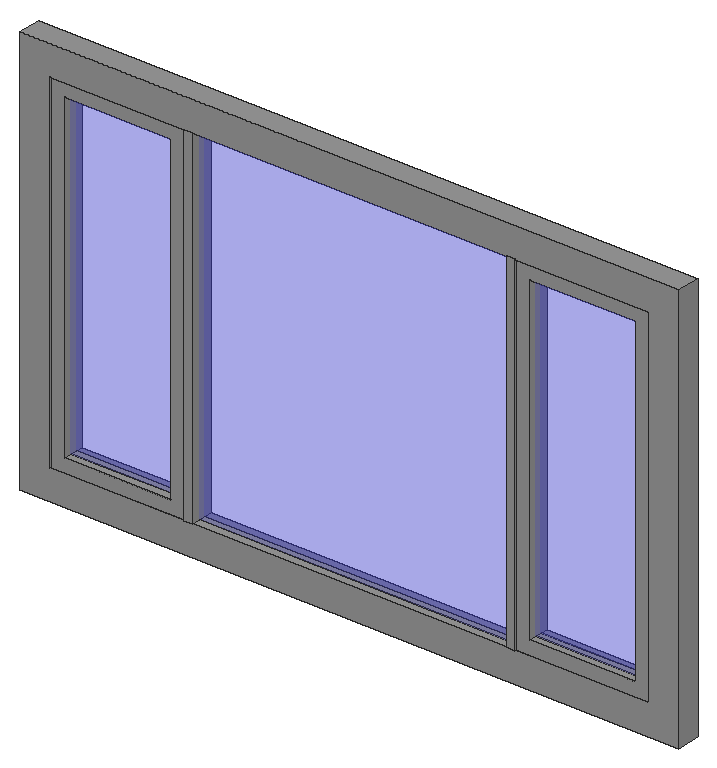
Revit family "Family57", category Windows, host Wall, Revit 2018
Family settings
  Host = Wall
  OmniClass Number = 23.30.20.00
  OmniClass Title = Windows
  Always vertical = Yes
  Cut with Voids When Loaded = No
  Shared = No
  Room Calculation Point = No
Parameters
  Window Thickness = 84 mm
  Window Frame = White
  Visual Light Transmittance = 0.81
  URL = "www.skywardwindows.co.za"
  Thermal Resistance (R) = 0.3196 (m²·K)/W
  Telephone = "021 276 1800"
  Solar Heat Gain Coefficient = 0.76
  Manufacturer = "Skyward Windows"
  Height = 1490 mm
  Heat Transfer Coefficient (U) = 3.1292 W/(m²·K)
  Glass Thickness = 4 mm
  Glass = Glass
  Email Address = "info@skywardwindows.co.za"
  Default Sill Height = 800 mm
  Wall Closure = By host
  Width = 2390 mm
  Company Address = "Charles Matthews Street Atlantis 7349"
  Analytic Construction = "Double glazing - domestic"
Reference planes
  plane 1 "Center (Front/Back)": y = 0
  plane 2 "Center (Left/Right)": x = 0
  plane 3 "Left": x = -1195
  plane 4 "Right": x = 1195
  plane 5 "Sill": z = 800
  plane 6 "Head": z = 2290
  plane 7 "Exterior": y = 100
  plane 8 "Interior": y = -100
Forms (mm)
  Extrusion 1, solid, material "White" <- "Window Frame"
    sketch origin (0, -100, 0) x (1, 0, 0) y (0, 0, 1)
      loop
        line (-1195, 2290) -> (-1195, 800) -> (1195, 800) -> (1195, 2290) -> (-1195, 2290)
      loop
        line (-1086, 909) -> (1086, 909) -> (1086, 2181) -> (-1086, 2181) -> (-1086, 909)
    from -142 to -58
  Extrusion 2, solid, material "White" <- "Window Frame"
    sketch origin (0, -100, 0) x (1, 0, 0) y (0, 0, 1)
      loop
        line (-1086, 2181) -> (-1086, 909) -> (-600, 909) -> (-600, 2181) -> (-1086, 2181)
      loop
        line (1086, 2181) -> (600, 2181) -> (600, 909) -> (1086, 909) -> (1086, 2181)
      loop
        line (-1036, 959) -> (-650, 959) -> (-650, 2131) -> (-1036, 2131) -> (-1036, 959)
      loop
        line (650, 2131) -> (650, 959) -> (1036, 959) -> (1036, 2131) -> (650, 2131)
    from -138 to -62
  Extrusion 3, solid, material "White" <- "Window Frame"
    sketch origin (0, -100, 0) x (1, 0, 0) y (0, 0, 1)
      loop
        line (-600, 2181) -> (-600, 909) -> (-570, 909) -> (-570, 2181) -> (-600, 2181)
      loop
        line (600, 2181) -> (570, 2181) -> (570, 909) -> (600, 909) -> (600, 2181)
    from -142 to -58
  Extrusion 4, solid, material "Glass" <- "Glass"
    sketch origin (0, 0, 0) x (1, 0, 0) y (0, 1, 0)
      loop
        line (-1036, 14) -> (-1036, 10) -> (-650, 10) -> (-650, 14) -> (-1036, 14)
      loop
        line (-1036, -10) -> (-1036, -14) -> (-650, -14) -> (-650, -10) -> (-1036, -10)
      loop
        line (650, 14) -> (650, 10) -> (1036, 10) -> (1036, 14) -> (650, 14)
      loop
        line (1036, -10) -> (650, -10) -> (650, -14) -> (1036, -14) -> (1036, -10)
    from 959 to 2131
  Extrusion 5, solid, material "Glass" <- "Glass"
    sketch origin (0, 0, 0) x (1, 0, 0) y (0, 1, 0)
      loop
        line (-570, 14) -> (-570, 10) -> (570, 10) -> (570, 14) -> (-570, 14)
      loop
        line (570, -10) -> (-570, -10) -> (-570, -14) -> (570, -14) -> (570, -10)
    from 909 to 2181
Lines and regions (mm)
  Opening 1
    outline origin (3500, -100, 0) x (1, 0, 0) y (0, 0, 1)
      loop
        line (-2305, 800) -> (-2305, 2290) -> (-4695, 2290) -> (-4695, 800) -> (-2305, 800)
Text (mm)
  text "EXTERIOR" at (-1963.203, 1332.353, 0), in view "Ref. Level"
  text "INTERIOR" at (-1981.466, -818.386, 0), in view "Ref. Level"
  text "Exterior" at (0, 923.751, 2943.296), in view "Right"
  text "Exterior" at (0, 1040.484, 2685.409), in view "Left"
Dimensions and locks
  equal spacing: plane 3 "Left", plane 2 "Center (Left/Right)", plane 4 "Right"
  "Width": plane 3 "Left" to plane 4 "Right"
  "Height": plane 5 "Sill" to plane 6 "Head"
  "Default Sill Height": plane 5 "Sill" to level
  locked: plane 7 "Exterior" to host wall at 0
  locked: plane 8 "Interior" to host wall
  "Window Thickness": Extrusion 1 to Extrusion 1
  "Glass Thickness": Extrusion 5 to Extrusion 5
  "Glass Thickness": Extrusion 4 to Extrusion 4
  aligned and locked: Extrusion 1 sketch curve to host wall  (x4)
  aligned and locked: Extrusion 5 to Extrusion 1
Automatic sketch dimensions
  Opening 1 sketch curve to plane 3 "Left" = 0 mm
  Opening 1 sketch curve to plane 4 "Right" = 0 mm
  Opening 1 sketch curve to plane 5 "Sill" = 0 mm
  Opening 1 sketch curve to plane 6 "Head" = 0 mm
  Extrusion 1 sketch curve to plane 3 "Left" = 109 mm
  plane 4 "Right" to Extrusion 1 sketch curve = 109 mm
  Extrusion 1 sketch curve to plane 5 "Sill" = 109 mm
  plane 6 "Head" to Extrusion 1 sketch curve = 109 mm
  Extrusion 2 sketch curve to plane 3 "Left" = 109 mm
  Extrusion 2 sketch curve to Extrusion 2 sketch curve = 50 mm  (x8)
  plane 6 "Head" to Extrusion 2 sketch curve = 159 mm
  plane 2 "Center (Left/Right)" to Extrusion 2 sketch curve = 650 mm
  plane 6 "Head" to Extrusion 2 sketch curve = 109 mm
  Extrusion 2 sketch curve to plane 2 "Center (Left/Right)" = 600 mm
  plane 4 "Right" to Extrusion 2 sketch curve = 159 mm
  Extrusion 2 sketch curve to plane 5 "Sill" = 159 mm  (x2)
  Extrusion 3 sketch curve to plane 5 "Sill" = 109 mm  (x2)
  plane 2 "Center (Left/Right)" to Extrusion 3 sketch curve = 600 mm
  Extrusion 3 sketch curve to Extrusion 3 sketch curve = 30 mm  (x2)
  Extrusion 3 sketch curve to plane 2 "Center (Left/Right)" = 570 mm
  plane 6 "Head" to Extrusion 3 sketch curve = 109 mm  (x2)
  Extrusion 4 sketch curve to host wall = 14 mm  (x2)
  Extrusion 4 sketch curve to plane 3 "Left" = 159 mm
  Extrusion 4 sketch curve to Extrusion 4 sketch curve = 0 mm  (x4)
  host wall to Extrusion 4 sketch curve = 10 mm  (x2)
  plane 2 "Center (Left/Right)" to Extrusion 4 sketch curve = 650 mm
  Extrusion 4 sketch curve to plane 2 "Center (Left/Right)" = 650 mm
  plane 4 "Right" to Extrusion 4 sketch curve = 159 mm
  Extrusion 4 sketch curve to Extrusion 4 sketch curve = 4 mm  (x4)
  Extrusion 5 sketch curve to host wall = 14 mm
  plane 2 "Center (Left/Right)" to Extrusion 5 sketch curve = 570 mm
  host wall to Extrusion 5 sketch curve = 10 mm
  Extrusion 5 sketch curve to Extrusion 5 sketch curve = 0 mm  (x2)
  Extrusion 5 sketch curve to plane 2 "Center (Left/Right)" = 570 mm
  Extrusion 5 sketch curve to Extrusion 5 sketch curve = 4 mm  (x2)
